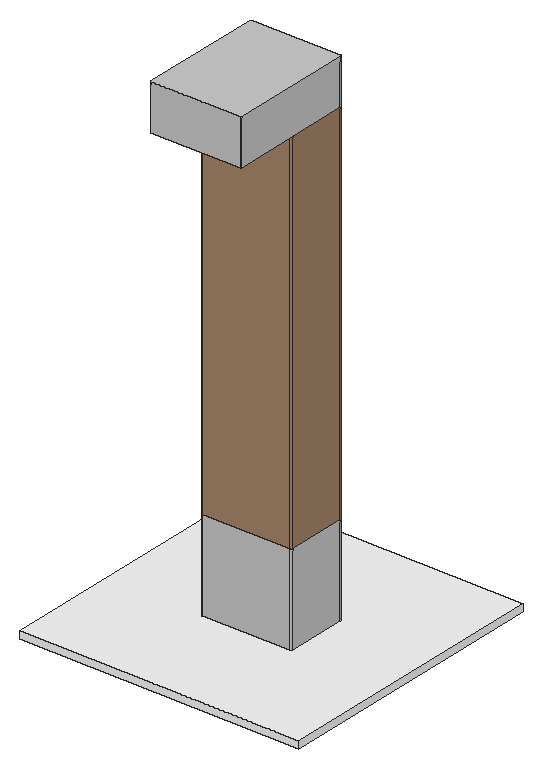
Revit family "BE_84498_de_DE", category Leuchten, Revit 2020
Family settings
  Basisbauteil = Fläche
  Bemaßung runder Anschluss = Durchmesser verwenden
  Teiletyp = Normal
  Beim Laden mit Abzugskörper schneiden = Ja
  Lichtquelle = Ja
  Gemeinsam genutzt = Nein
  Raumberechnungspunkt = Ja
Parameters (values of type "BEGA_84498_Silber_K3")
  built-in parameter 1150104 = 12.384 (stored number, unit not read)
  Wattage = 4.2 W
  Default Elevation = 0 mm
  built-in parameter 1150113 = 1 (stored number, unit not read)
  built-in parameter 1114218 = 1 (stored number, unit not read)
  Umgebungstemperatur = "25 °C"
  URL = "https://www.bega.com/de/produkt/84498"
  Typenkommentare = "© 2022 BEGA. Wir behalten uns das Recht vor, technische Änderungen ohne vorherige Ankündigung vorzunehmen."  # constant formula
  Type Image = 84498.png
  built-in parameter 1150134 = (empty or 0)
  built-in parameter 1150109 = 1 (stored number, unit not read)
  Strom = ""
  built-in parameter 1150110 = 1 (stored number, unit not read)
  Spannung = 239.996 V
  Sonderanfertigung = no
  Seriennummer [instance] = "Hier können Sie die eindeutige Seriennummer für das Facility Management eintragen."
  Schutzklasse = "I"
  Schutzart = "IP 65"
  Scheinlast = 0 VA
  Produktdatenblatt = "https://cdn.bega.com/bega/products/84498K3/current/documents/data-sheets/de"
  Oberflächentemperatur = ""
  Neigungswinkel = 0.00°
  Modell = "84498AK3"
  Material_38 = BEGA_Holz
  Material_17 = BEGA_Reflektor
  Material_15 = BEGA_Leuchtmedium_matt
  Material_11 = BEGA_Glas_opal
  Material_09 = BEGA_Glas_klar
  Material_06 = BEGA_Oberfläche_Edelstahl_gebürstet
  Material_03 = BEGA_Oberfläche_Weiss_matt
  Material_02 = BEGA_Oberfläche_Silber_matt
  Material_01 [instance] = BEGA_Oberfläche_Grafit_matt
  M_W = no
  M_G = no
  M_A = yes
  Logo = 0
  built-in parameter 1114217 = 1 (stored number, unit not read)
  built-in parameter 1150139 = (empty or 0)
  built-in parameter 1150105 = 44.552 (stored number, unit not read)
  built-in parameter 1150114 = 1 (stored number, unit not read)
  Lumens = 559.86 lm
  built-in parameter 1150115 = 1 (stored number, unit not read)
  Leuchtenlichtstrom = "371 lm"
  Leuchtenanzahl = ""
  Lebensdauerkriterien = "L70B50 @ 25 °C = 200000 h"
  Lastklassifizierung = Beleuchtung
  built-in parameter 1150112 = 1 (stored number, unit not read)
  Lampenlichtstrom = "560 lm"
  Lampe = "LED 4.2 W"
  LED_Modulbezeichnung = "2x LED-0234/830"
  built-in parameter 1150142 = (empty or 0)
  Hersteller = "BEGA"  # constant formula
  Halbstreuwinkel = ""
  Gewicht = "5.25 kg"
  Gebrauchslageneinschränkung [instance] = ""
  Frequenz = "0/50-60 Hz"
  Farbwiedergabeindex = "CRI > 80"
  Farbtemperaturverschiebung bei Dämpfen der Lampe = <Keine Auswahl>
  Farbtemperatur = "3000 K"
  Color Filter = 16777215
  built-in parameter 1150133 = 10 (stored number, unit not read)
  Energieeffizienzklasse = "LED A++ - A"
  built-in parameter 1150137 = (empty or 0)
  built-in parameter 1150132 = (empty or 0)
  ENEC = "ja"
  Dimmbar [instance] = "on/off"
  Datei für fotometrisches Netz = "BE_84498K3.IES"
  CE_Konformität = "ja"
  Bestellnummer = "84498AK3"
  Beschreibung_Sonderanfertigung = "Hier können Sie Informationen zur Sonderanfertigung eintragen."
  Beschreibung = "Garten- und Wegeleuchte"
  built-in parameter 1150106 = 0.44552 (stored number, unit not read)
  Befestigungsbohrung = "Ø 5,5 mm"
  Befestigungsabstand = ""
  Ballwurfsicher = ""
  BEGA_Intern_aus = yes
  BEGA_Intern_an = yes
  BEGA_Intern_Konstruktion = yes
  BEGA_Intern = yes
  BEGA_IES = yes
  BEGA_Dummy = no
  Anschlussleitung = ""
  Anschlussleistung [instance] = "5.3 W"
  Anschlusskasten = ""
  built-in parameter 1150107 = 3000 (stored number, unit not read)
  built-in parameter 1150102 = (empty or 0)
  built-in parameter 1150138 = (empty or 0)
  Aktualisierung = "2022-05-19T04:00:07"
  Abstand_zur_angestrahlten_Fläche [instance] = ""
  AC/DC = "AC/DC"
Types (2, lengths in mm): name | Modell | M_G | M_A | Bestellnummer
  BEGA_84498_Grafit_K3 | "84498K3" | yes | no | "84498K3"
  BEGA_84498_Silber_K3 | "84498AK3" | no | yes | "84498AK3"
Reference planes
  plane 1 "Mitte (Vorne/Hinten)": y = 0
  plane 2: z = 0
  plane 3 "Mitte (Links/Rechts)": x = 0
  plane 4 "Links": x = -65
  plane 5 "Rechts": x = 65
  plane 6 "Unten": y = -135
  plane 7 "Oben": y = 45
  plane 8 "Vorne": z = 724
  plane 9 "Hinten": z = 0
Forms (mm)
  Extrusion 1, solid, material "BEGA_Platte_Weiss"
    sketch origin (0, -1119.2, 0) x (1, 0, 0) y (0, 1, 0)
      loop
        line (-200, 1319.2) -> (-200, 919.2) -> (200, 919.2) -> (200, 1319.2) -> (-200, 1319.2)
    from 0 to -10
  Extrusion 2, solid, material "BEGA_Dummy_matt", visible <- "BEGA_Dummy"
    sketch origin (80.095, -76.023, 0) x (1, 0, 0) y (0, 1, 0)
      loop
        line (-145.095, 121.023) -> (-145.095, -58.977) -> (-15.095, -58.977) -> (-15.095, 121.023) -> (-145.095, 121.023)
    from 0 to 724
Dimensions and locks
  plane 1 "Mitte (Vorne/Hinten)" to Extrusion 1 = 200 mm
  aligned and locked: plane 2 to Extrusion 1
  aligned and locked: level to Extrusion 1
Nested families
  nested 1: "BE_84498" at (0, 0, 0), type "BE_84498"
Connectors
  electrical at (0, 0, 0), driven by "Lastklassifizierung", driven by "Spannung", driven by "Scheinlast"
    settings: index 1, voltage 239.996 V, apparent load 0 VA, apparent load phase1 0 VA, apparent load phase2 0 VA, apparent load phase3 0 VA, power factor 1, load classification "Beleuchtung", number of poles 1, system type 31, power factor state 1, is connector primary yes, connector utility no, sub classification motor no, connector description ""
Definition of nested family "BE_84498"
  Parameters (values of type "BE_84498")
    Default Elevation = 1 mm
    URL = "http://www.bega.de/de/produkt"
    Type Comments = "© 2015 BEGA. Wir behalten uns das Recht vor, technische Änderungen ohne vorherige Ankündigung vorzunehmen. "  # constant formula
    Type Image = (empty or 0)
    Neigungswinkel_um_Z2 = 0.00°
    Neigungswinkel_um_Z1 = 0.00°
    Neigungswinkel_um_Y2 = 0.00°
    Neigungswinkel_um_Y1 = 0.00°
    Neigungswinkel_um_X2 = 0.00°
    Neigungswinkel_um_X1 = 0.00°
    Material_38 = none
    Material_17 = none
    Material_15 = none
    Material_11 = none
    Material_09 = none
    Material_08 = none
    Material_06 = none
    Material_02 = none
    Material_01 = none
    M_W = yes
    M_G = yes
    M_A = yes
    Länge_Platte = 200 mm  # constant formula
    Höhe_Platte = -10 mm  # constant formula
    Manufacturer = "BEGA"  # constant formula
    Drehwinkel_um_Z2 = 0.00°
    Drehwinkel_um_Z1 = 0.00°
    Breite_Platte = 200 mm  # constant formula
  Reference planes
    plane 1 "Mitte (Oben/Unten)": y = 0
    plane 2: z = 0
    plane 3 "Mitte (Links/Rechts)": x = 0
    plane 4 "Oben": y = 45
    plane 5: z = 724
    plane 6: z = 0
    plane 7: x = 65
    plane 8: x = -65
    plane 9: y = -135
  Forms (mm)
    Extrusion 1, solid, detail levels medium
      sketch origin (0, 0, 0) x (1, 0, 0) y (0, 1, 0)
        loop
          line (-100, 100) -> (-100, -100) -> (100, -100) -> (100, 100) -> (-100, 100)
      from 0 to -10 <- "Höhe_Platte"
    Extrusion 2, solid, material <- "Material_38"
      sketch origin (0, 0, 0) x (1, 0, 0) y (0, 1, 0)
        loop
          arc (-62, 45) -> (-64.121, 44.121) -> (-65, 42) r 3
          line (-65, 42) -> (-65, -42)
          arc (-65, -42) -> (-64.121, -44.121) -> (-62, -45) r 3
          line (-62, -45) -> (62, -45)
          arc (62, -45) -> (64.121, -44.121) -> (65, -42) r 3
          line (65, -42) -> (65, 42)
          arc (65, 42) -> (64.121, 44.121) -> (62, 45) r 3
          line (62, 45) -> (-62, 45)
        loop
          line (-40, 20) -> (-40, -20) -> (40, -20) -> (40, 20) -> (-40, 20)
      from 129.504 to 658.964
    Revolve 3, solid, material <- "Material_08"
      sketch origin (0, 0, 0) x (0, 1, 0) y (0, 0, 1)
        loop
          line (-21.1, -4.974) -> (-24.5, -4.974) -> (-24.5, -6.974) -> (-19.1, -6.961) -> (-19.1, 113.026) -> (-21.1, 113.026) -> (-21.1, -4.974)
        axis (0, -6.974) -> (0, 113.026)
      angle from 0 to 360
    Extrusion 4, solid, material <- "Material_01", visible <- "M_G"
      sketch origin (0, 0, 0) x (1, 0, 0) y (0, 1, 0)
        loop
          line (62, 45) -> (-62, 45)
          arc (-62, 45) -> (-64.121, 44.121) -> (-65, 42) r 3
          line (-65, 42) -> (-65, -42)
          arc (-65, -42) -> (-64.121, -44.121) -> (-62, -45) r 3
          line (-62, -45) -> (62, -45)
          arc (62, -45) -> (64.121, -44.121) -> (65, -42) r 3
          line (65, -42) -> (65, 42)
          arc (65, 42) -> (64.121, 44.121) -> (62, 45) r 3
        loop
          line (-40, 20) -> (-40, -20) -> (40, -20) -> (40, 20) -> (-40, 20)
      from 0 to 129.504
    Extrusion 5, solid, material <- "Material_01", visible <- "M_G"
      sketch origin (0, 0, 0) x (1, 0, 0) y (0, 1, 0)
        loop
          line (62, 45) -> (-62, 45)
          arc (-62, 45) -> (-64.121, 44.121) -> (-65, 42) r 3
          line (-65, 42) -> (-65, -134)
          arc (-65, -134) -> (-64.707, -134.707) -> (-64, -135) r 1
          line (-64, -135) -> (64, -135)
          arc (64, -135) -> (64.707, -134.707) -> (65, -134) r 1
          line (65, -134) -> (65, 42)
          arc (65, 42) -> (64.121, 44.121) -> (62, 45) r 3
        loop
          arc (63.492, -59.494) -> (62.615, -57.384) -> (60.503, -56.51) r 2.989
          line (60.503, -56.51) -> (-60.491, -56.51)
          arc (-60.491, -56.51) -> (-62.614, -57.386) -> (-63.49, -59.509) r 2.99
          line (-63.49, -59.509) -> (-63.49, -130.491)
          arc (-63.49, -130.491) -> (-62.618, -132.611) -> (-60.5, -133.491) r 2.99
          line (-60.5, -133.491) -> (60.667, -133.491)
          arc (60.667, -133.491) -> (62.674, -132.56) -> (63.492, -130.504) r 2.991
          line (63.492, -130.504) -> (63.492, -59.494)
      from 658.964 to 720.282
    Extrusion 6, solid, material <- "Material_01", visible <- "M_G"
      sketch origin (0, 0, 0) x (1, 0, 0) y (0, 1, 0)
        loop
          line (62, 45) -> (-62, 45)
          arc (-62, 45) -> (-64.121, 44.121) -> (-65, 42) r 3
          line (-65, 42) -> (-65, -134)
          arc (-65, -134) -> (-64.707, -134.707) -> (-64, -135) r 1
          line (-64, -135) -> (64, -135)
          arc (64, -135) -> (64.707, -134.707) -> (65, -134) r 1
          line (65, -134) -> (65, 42)
          arc (65, 42) -> (64.121, 44.121) -> (62, 45) r 3
      from 720.282 to 724
    Extrusion 7, solid, material <- "Material_09"
      sketch origin (0, 0, 0) x (1, 0, 0) y (0, 1, 0)
        loop
          line (60.492, -57.951) -> (-60.5, -57.951)
          arc (-60.5, -57.951) -> (-61.587, -58.413) -> (-62.038, -59.5) r 1.538
          line (-62.038, -59.5) -> (-62.038, -130.5)
          arc (-62.038, -130.5) -> (-61.587, -131.587) -> (-60.5, -132.037) r 1.538
          line (-60.5, -132.037) -> (60.5, -132.038)
          arc (60.5, -132.038) -> (61.587, -131.587) -> (62.038, -130.5) r 1.538
          line (62.038, -130.5) -> (62.038, -59.308)
          arc (62.038, -59.308) -> (61.522, -58.336) -> (60.492, -57.951) r 1.549
      from 658.964 to 663.039
    Extrusion 8, solid, material <- "Material_01"
      sketch origin (0, 0, 0) x (1, 0, 0) y (0, 1, 0)
        loop
          line (61, -59.549) -> (-61, -59.549) -> (-61, -131.549) -> (61, -131.549) -> (61, -59.549)
        loop
          line (-26.85, -73.177) -> (-38.5, -105.185) -> (-38.5, -126.549) -> (38.5, -126.549) -> (38.5, -105.185) -> (26.85, -73.177) -> (0, -82.949) -> (-26.85, -73.177)
      from 663.039 to 663.453
    Extrusion 9, solid, material <- "Material_17"
      sketch origin (0, 0, 0) x (0, 1, 0) y (0, 0, 1)
        loop
          line (-126.762, 665.874) -> (-109.931, 672) -> (-70.265, 672) -> (-69.399, 672.5) -> (-110.019, 672.5) -> (-126.262, 666.588) -> (-126.762, 665.874)
      from -38 to 38
    Extrusion 10, solid, material <- "Material_15"
      sketch origin (0, 0, 0) x (0, 1, 0) y (0, 0, 1)
        loop
          line (-126.549, 663.534) -> (-74.536, 663.534) -> (-74.536, 673.534) -> (-126.549, 673.534) -> (-126.549, 663.534)
      from 38 to 39.895
    Extrusion 11, solid, material <- "Material_15"
      sketch origin (0, 0, 0) x (0, 1, 0) y (0, 0, -1)
        loop
          line (-126.549, -663.534) -> (-126.549, -673.534) -> (-74.536, -673.534) -> (-74.536, -663.534) -> (-126.549, -663.534)
      from 38 to 39.895
    Extrusion 12, solid, material <- "Material_02", visible <- "M_A"
      sketch origin (0, 0, 0) x (1, 0, 0) y (0, 1, 0)
        loop
          line (62, 45) -> (-62, 45)
          arc (-62, 45) -> (-64.121, 44.121) -> (-65, 42) r 3
          line (-65, 42) -> (-65, -42)
          arc (-65, -42) -> (-64.121, -44.121) -> (-62, -45) r 3
          line (-62, -45) -> (62, -45)
          arc (62, -45) -> (64.121, -44.121) -> (65, -42) r 3
          line (65, -42) -> (65, 42)
          arc (65, 42) -> (64.121, 44.121) -> (62, 45) r 3
        loop
          line (-40, 20) -> (-40, -20) -> (40, -20) -> (40, 20) -> (-40, 20)
      from 0 to 129.504
    Extrusion 13, solid, material <- "Material_02", visible <- "M_A"
      sketch origin (0, 0, 0) x (1, 0, 0) y (0, 1, 0)
        loop
          line (62, 45) -> (-62, 45)
          arc (-62, 45) -> (-64.121, 44.121) -> (-65, 42) r 3
          line (-65, 42) -> (-65, -134)
          arc (-65, -134) -> (-64.707, -134.707) -> (-64, -135) r 1
          line (-64, -135) -> (64, -135)
          arc (64, -135) -> (64.707, -134.707) -> (65, -134) r 1
          line (65, -134) -> (65, 42)
          arc (65, 42) -> (64.121, 44.121) -> (62, 45) r 3
        loop
          arc (63.492, -59.494) -> (62.615, -57.384) -> (60.503, -56.51) r 2.989
          line (60.503, -56.51) -> (-60.491, -56.51)
          arc (-60.491, -56.51) -> (-62.614, -57.386) -> (-63.49, -59.509) r 2.99
          line (-63.49, -59.509) -> (-63.49, -130.491)
          arc (-63.49, -130.491) -> (-62.618, -132.611) -> (-60.5, -133.491) r 2.99
          line (-60.5, -133.491) -> (60.667, -133.491)
          arc (60.667, -133.491) -> (62.674, -132.56) -> (63.492, -130.504) r 2.991
          line (63.492, -130.504) -> (63.492, -59.494)
      from 658.964 to 720.282
    Extrusion 14, solid, material <- "Material_02", visible <- "M_A"
      sketch origin (0, 0, 0) x (1, 0, 0) y (0, 1, 0)
        loop
          line (62, 45) -> (-62, 45)
          arc (-62, 45) -> (-64.121, 44.121) -> (-65, 42) r 3
          line (-65, 42) -> (-65, -134)
          arc (-65, -134) -> (-64.707, -134.707) -> (-64, -135) r 1
          line (-64, -135) -> (64, -135)
          arc (64, -135) -> (64.707, -134.707) -> (65, -134) r 1
          line (65, -134) -> (65, 42)
          arc (65, 42) -> (64.121, 44.121) -> (62, 45) r 3
      from 720.282 to 724
  Cuts and joins
    joined: Extrusion 5, Extrusion 6
    joined: Extrusion 13, Extrusion 14
  Dimensions and locks
    equal spacing: Extrusion 1 sketch curve, plane 3 "Mitte (Links/Rechts)", Extrusion 1 sketch curve
    equal spacing: Extrusion 1 sketch curve, plane 1 "Mitte (Oben/Unten)", Extrusion 1 sketch curve
    "Länge_Platte": Extrusion 1 sketch curve to Extrusion 1 sketch curve
    "Breite_Platte": Extrusion 1 sketch curve to Extrusion 1 sketch curve
    aligned and locked: plane 2 to Extrusion 1
    aligned and locked: level to Extrusion 1
  Automatic sketch dimensions
    Extrusion 2 sketch curve to plane 1 "Mitte (Oben/Unten)" = 42 mm
    Extrusion 2 sketch curve to plane 3 "Mitte (Links/Rechts)" = 65 mm
    Extrusion 2 sketch curve to Extrusion 2 sketch curve = 3 mm  (x3)
    Extrusion 2 sketch curve to Extrusion 2 sketch curve = 22 mm  (x4)
    Extrusion 2 sketch curve to plane 1 "Mitte (Oben/Unten)" = 20 mm
    plane 3 "Mitte (Links/Rechts)" to Extrusion 2 sketch curve = 40 mm
    plane 1 "Mitte (Oben/Unten)" to Extrusion 2 sketch curve = 20 mm
    Revolve 3 sketch curve to plane 1 "Mitte (Oben/Unten)" = 0 mm
    Revolve 3 sketch curve to level = 6.961 mm
    plane 1 "Mitte (Oben/Unten)" to Revolve 3 sketch curve = 19.1 mm
    Revolve 3 sketch curve to Revolve 3 sketch curve = 2 mm  (x2)
    Revolve 3 sketch curve to level = 6.974 mm
    Revolve 3 sketch curve to Revolve 3 sketch curve = 3.4 mm
    plane 1 "Mitte (Oben/Unten)" to Extrusion 4 sketch curve = 42 mm
    Extrusion 4 sketch curve to plane 3 "Mitte (Links/Rechts)" = 65 mm
    Extrusion 4 sketch curve to Extrusion 4 sketch curve = 3 mm  (x3)
    Extrusion 4 sketch curve to Extrusion 4 sketch curve = 22 mm  (x4)
    Extrusion 4 sketch curve to plane 1 "Mitte (Oben/Unten)" = 20 mm
    plane 3 "Mitte (Links/Rechts)" to Extrusion 4 sketch curve = 40 mm
    plane 1 "Mitte (Oben/Unten)" to Extrusion 4 sketch curve = 20 mm
    Extrusion 5 sketch curve to plane 1 "Mitte (Oben/Unten)" = 42 mm
    Extrusion 5 sketch curve to plane 3 "Mitte (Links/Rechts)" = 65 mm
    Extrusion 5 sketch curve to Extrusion 5 sketch curve = 1 mm
    Extrusion 5 sketch curve to plane 3 "Mitte (Links/Rechts)" = 63.49 mm
    Extrusion 5 sketch curve to Extrusion 5 sketch curve = 3 mm  (x2)
    Extrusion 5 sketch curve to Extrusion 5 sketch curve = 2.99 mm  (x3)
    Extrusion 5 sketch curve to Extrusion 5 sketch curve = 0.01 mm
    plane 3 "Mitte (Links/Rechts)" to Extrusion 5 sketch curve = 60.501 mm
    plane 3 "Mitte (Links/Rechts)" to Extrusion 5 sketch curve = 60.503 mm
    Extrusion 5 sketch curve to Extrusion 5 sketch curve = 0.166 mm
    plane 3 "Mitte (Links/Rechts)" to Extrusion 5 sketch curve = 62 mm
    Extrusion 5 sketch curve to Extrusion 5 sketch curve = 2.991 mm
    Extrusion 5 sketch curve to Extrusion 5 sketch curve = 3.333 mm
    plane 1 "Mitte (Oben/Unten)" to Extrusion 5 sketch curve = 56.51 mm
    Extrusion 5 sketch curve to Extrusion 5 sketch curve = 2.984 mm
    Extrusion 5 sketch curve to Extrusion 5 sketch curve = 0.009 mm
    Extrusion 5 sketch curve to Extrusion 5 sketch curve = 0.509 mm  (x2)
    Extrusion 5 sketch curve to Extrusion 5 sketch curve = 0 mm  (x9)
    Extrusion 6 sketch curve to plane 3 "Mitte (Links/Rechts)" = 65 mm
    Extrusion 6 sketch curve to Extrusion 6 sketch curve = 1 mm  (x2)
    Extrusion 6 sketch curve to Extrusion 6 sketch curve = 3 mm  (x2)
    plane 3 "Mitte (Links/Rechts)" to Extrusion 6 sketch curve = 62 mm
    plane 3 "Mitte (Links/Rechts)" to Extrusion 6 sketch curve = 64 mm
    Extrusion 6 sketch curve to plane 1 "Mitte (Oben/Unten)" = 42 mm
    Extrusion 6 sketch curve to Extrusion 6 sketch curve = 0 mm  (x7)
    Extrusion 7 sketch curve to plane 3 "Mitte (Links/Rechts)" = 60.5 mm  (x2)
    plane 3 "Mitte (Links/Rechts)" to Extrusion 7 sketch curve = 60.492 mm
    plane 3 "Mitte (Links/Rechts)" to Extrusion 7 sketch curve = 60.5 mm
    Extrusion 7 sketch curve to Extrusion 7 sketch curve = 0.008 mm
    Extrusion 7 sketch curve to Extrusion 7 sketch curve = 1.538 mm  (x3)
    plane 1 "Mitte (Oben/Unten)" to Extrusion 7 sketch curve = 59.5 mm  (x2)
    Extrusion 7 sketch curve to Extrusion 7 sketch curve = 0.192 mm
    Extrusion 7 sketch curve to Extrusion 7 sketch curve = 0 mm  (x12)
    Extrusion 8 sketch curve to plane 3 "Mitte (Links/Rechts)" = 0 mm
    Extrusion 8 sketch curve to plane 3 "Mitte (Links/Rechts)" = 26.85 mm
    Extrusion 8 sketch curve to Extrusion 8 sketch curve = 11.65 mm  (x2)
    Extrusion 8 sketch curve to Extrusion 8 sketch curve = 22.5 mm
    plane 3 "Mitte (Links/Rechts)" to Extrusion 8 sketch curve = 26.85 mm
    Extrusion 8 sketch curve to Extrusion 8 sketch curve = 34.15 mm
    Extrusion 8 sketch curve to Extrusion 8 sketch curve = 5 mm
    Extrusion 8 sketch curve to Extrusion 8 sketch curve = 21.364 mm  (x2)
    Extrusion 8 sketch curve to Extrusion 8 sketch curve = 22.236 mm
    Extrusion 8 sketch curve to Extrusion 8 sketch curve = 9.773 mm  (x2)
    Extrusion 8 sketch curve to Extrusion 8 sketch curve = 13.627 mm
    Extrusion 10 sketch curve to Extrusion 10 sketch curve = 52.013 mm
    Extrusion 10 sketch curve to Extrusion 10 sketch curve = 10 mm
    Extrusion 11 sketch curve to Extrusion 11 sketch curve = 52.013 mm
    Extrusion 11 sketch curve to Extrusion 11 sketch curve = 10 mm
    Extrusion 9 sketch curve to Extrusion 9 sketch curve = 0.5 mm  (x2)
    Extrusion 9 sketch curve to Extrusion 9 sketch curve = 16.243 mm
    Extrusion 9 sketch curve to Extrusion 9 sketch curve = 0.088 mm
    Extrusion 9 sketch curve to Extrusion 9 sketch curve = 39.666 mm
    Extrusion 9 sketch curve to Extrusion 9 sketch curve = 0.866 mm
    Extrusion 9 sketch curve to Extrusion 9 sketch curve = 0.714 mm
    Extrusion 9 sketch curve to Extrusion 9 sketch curve = 5.412 mm
    plane 1 "Mitte (Oben/Unten)" to Extrusion 12 sketch curve = 42 mm
    Extrusion 12 sketch curve to plane 3 "Mitte (Links/Rechts)" = 65 mm
    Extrusion 12 sketch curve to Extrusion 12 sketch curve = 3 mm  (x3)
    Extrusion 12 sketch curve to Extrusion 12 sketch curve = 22 mm  (x4)
    Extrusion 12 sketch curve to plane 1 "Mitte (Oben/Unten)" = 20 mm
    plane 3 "Mitte (Links/Rechts)" to Extrusion 12 sketch curve = 40 mm
    plane 1 "Mitte (Oben/Unten)" to Extrusion 12 sketch curve = 20 mm
    Extrusion 13 sketch curve to plane 1 "Mitte (Oben/Unten)" = 42 mm
    Extrusion 13 sketch curve to plane 3 "Mitte (Links/Rechts)" = 65 mm
    Extrusion 13 sketch curve to Extrusion 13 sketch curve = 1 mm
    Extrusion 13 sketch curve to plane 3 "Mitte (Links/Rechts)" = 63.49 mm
    Extrusion 13 sketch curve to Extrusion 13 sketch curve = 3 mm  (x2)
    Extrusion 13 sketch curve to Extrusion 13 sketch curve = 2.99 mm  (x3)
    Extrusion 13 sketch curve to Extrusion 13 sketch curve = 0.01 mm
    plane 3 "Mitte (Links/Rechts)" to Extrusion 13 sketch curve = 60.501 mm
    plane 3 "Mitte (Links/Rechts)" to Extrusion 13 sketch curve = 60.503 mm
    Extrusion 13 sketch curve to Extrusion 13 sketch curve = 0.166 mm
    plane 3 "Mitte (Links/Rechts)" to Extrusion 13 sketch curve = 62 mm
    Extrusion 13 sketch curve to Extrusion 13 sketch curve = 2.991 mm
    Extrusion 13 sketch curve to Extrusion 13 sketch curve = 3.333 mm
    plane 1 "Mitte (Oben/Unten)" to Extrusion 13 sketch curve = 56.51 mm
    Extrusion 13 sketch curve to Extrusion 13 sketch curve = 2.984 mm
    Extrusion 13 sketch curve to Extrusion 13 sketch curve = 0.009 mm
    Extrusion 13 sketch curve to Extrusion 13 sketch curve = 0.509 mm  (x2)
    Extrusion 13 sketch curve to Extrusion 13 sketch curve = 0 mm  (x9)
    Extrusion 14 sketch curve to plane 3 "Mitte (Links/Rechts)" = 65 mm
    Extrusion 14 sketch curve to Extrusion 14 sketch curve = 1 mm  (x2)
    Extrusion 14 sketch curve to Extrusion 14 sketch curve = 3 mm  (x2)
    plane 3 "Mitte (Links/Rechts)" to Extrusion 14 sketch curve = 62 mm
    plane 3 "Mitte (Links/Rechts)" to Extrusion 14 sketch curve = 64 mm
    Extrusion 14 sketch curve to plane 1 "Mitte (Oben/Unten)" = 42 mm
    Extrusion 14 sketch curve to Extrusion 14 sketch curve = 0 mm  (x7)
    level to Revolve 3 sketch curve = 113.026 mm
    Revolve 3 sketch curve to Revolve 3 sketch curve = 252.038 mm
    level to Extrusion 9 sketch curve = 665.874 mm
    level to Extrusion 10 sketch curve = 663.534 mm
    level to Extrusion 11 sketch curve = 673.534 mm
    Revolve 3 sketch curve to Revolve 3 sketch curve = 238.271 mm
    Extrusion 5 sketch curve to Extrusion 5 sketch curve = 70.982 mm
    Extrusion 5 sketch curve to Extrusion 5 sketch curve = 71.005 mm
    plane 1 "Mitte (Oben/Unten)" to Extrusion 6 sketch curve = 134 mm
    Extrusion 7 sketch curve to Extrusion 7 sketch curve = 71 mm  (x2)
    plane 1 "Mitte (Oben/Unten)" to Extrusion 8 sketch curve = 131.549 mm
    plane 1 "Mitte (Oben/Unten)" to Extrusion 9 sketch curve = 126.762 mm
    plane 1 "Mitte (Oben/Unten)" to Extrusion 10 sketch curve = 126.549 mm
    plane 1 "Mitte (Oben/Unten)" to Extrusion 11 sketch curve = 126.549 mm
    Extrusion 13 sketch curve to Extrusion 13 sketch curve = 70.982 mm
    Extrusion 13 sketch curve to Extrusion 13 sketch curve = 71.005 mm
    plane 1 "Mitte (Oben/Unten)" to Extrusion 14 sketch curve = 134 mm
